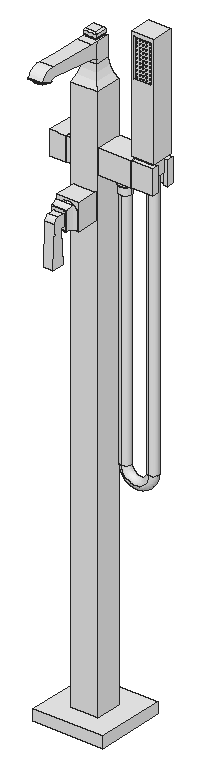
Revit family "Free_Standing_Tub_Filler-American_Standard-Town_Square_S-T455951", category Plumbing Fixtures, Revit 2014
Parameters (values of type "T455951")
  Width = 7"  # constant formula
  Waste Connection = no
  Warranty Information = "Limited Lifetime Warranty"  # constant formula
  WFU = 4
  Vent Connection = no
  URL = "https://www.americanstandard-us.com/"
  Tempered Water Connection Diameter = 1/2"  # constant formula
  Specification = "Free standing tub filler shall feature brass construction. Shall also feature 1/4 turn washerless ceramic disc valve cartridge."  # constant formula
  Product Page URL = "https://www.americanstandard-us.com/bathroom/tub-fillers/town-square-s-free-standing-tub-filler-33920"
  Product Documentation Link = "https://www.americanstandard-us.com/-/media/sites/asus/files/product-specs/tub-fillers/2018/town-square-s-free-standing-tub-filler/specsheet-t455951.pdf?la=en"
  Price = "Prices may vary. Please consult Manufacturer Representative for most up-to-date price list."  # constant formula
  Model = "T455951"  # constant formula
  Material = "Metal-American Standard-002-Polished Chrome"
  Manufacturer = "American Standard"  # constant formula
  Length = 7 5/32"  # constant formula
  Installation Type = "Surface Mounted"  # constant formula
  Hot Water Connection Diameter = 1/2"  # constant formula
  Height = 43 1/2"  # constant formula
  HWFU = 3
  HW Connection = yes
  Flow Rate = "1.8 gpm (6.8 L/min.)"  # constant formula
  Finish = Metal-American Standard-002-Polished Chrome
  Description = "T455951 Free Standing Tub Filler Personal Shower. Metal Lever Handle."  # constant formula
  Default Elevation = 0"
  Creation Date = "09/28/2018"  # constant formula
  Cold Water Connection Diameter = 1/2"  # constant formula
  CWFU = 3
  CW Connection = yes
  Assembly Code = "D2020300"
  ADA Compliant = yes
Reference planes (in)
  plane 1 "Center (Front/Back)": y = 0
  plane 2: z = 0
  plane 3 "Center (Left/Right)": x = 0
  plane 4: y = 2.40625
  plane 5: y = -2.34375
  plane 6: x = -2.375
  plane 7: x = 3.15625
  plane 8: z = 0.75
  plane 9: z = 34.8125
  plane 10: z = -2.75
  plane 11: x = -0.8125
  plane 12: x = 0.8125
  plane 13: z = 35.6235788
  plane 14: z = 33.9985788
  plane 15: z = 35.5603018
  plane 16: z = 34.0470654
  plane 17: x = -1.25
  plane 18: x = -1.28125
  plane 19: x = 3.1875
  plane 20: x = 4.625
  plane 21: z = 32
  plane 22: z = 32
  plane 23: x = 2.375
  plane 24: z = 31.2027333
  plane 25: z = 32.8277333
  plane 26: x = -0.7308837
  plane 27: x = 0.8941163
  plane 28: y = 0.890625
  plane 29: y = 0.8322498
  plane 30: y = -0.8741851
  plane 31: y = -0.8116851
  plane 32: z = 41.875
  plane 33: y = -4.75
  plane 34: z = 41.125
  plane 35: y = -4
  plane 36: z = 43.5
Forms (in)
  Extrusion 1, solid, material "Metal-American Standard-002-Polished Chrome" <- "Finish"
    sketch origin (0, 0, 0) x (1, 0, 0) y (0, 1, 0)
      loop
        line (-2.375, 2.40625) -> (-2.375, -2.34375) -> (2.375, -2.34375) -> (2.375, 2.40625) -> (-2.375, 2.40625)
    from 0 to 0.75
  Extrusion 2, solid, material "Metal-American Standard-002-Polished Chrome" <- "Finish"
    sketch origin (0, 0, 0) x (1, 0, 0) y (0, 1, 0)
      loop
        line (-0.90625, 0.90625) -> (-0.90625, -0.9061534) -> (0.90625, -0.9061534) -> (0.90625, 0.90625) -> (-0.90625, 0.90625)
    from 0 to 39.0306751
  Sweep 3, solid, material "Metal-American Standard-002-Polished Chrome" <- "Finish"
    path origin (1.4990537, 0, -4.7041607) x (1, 0, 0) y (0, 0, 1)
      loop
        line (0.5705359, 39.150565) -> (0.5705359, 21.0710328)
        arc (0.5705359, 21.0710328) -> (1.5064806, 20.1350881) -> (2.4424252, 21.0710328) r 0.9359447
        line (2.4424252, 21.0710328) -> (2.4424252, 39.5710328)
    profile origin (2.0695896, 0, 25.4066382) x (0, -1, 0) y (1, 0, 0)
      loop
        circle (-0.0212948, 0) r 0.3449676
  Extrusion 4, solid, material "Metal-American Standard-002-Polished Chrome" <- "Finish"
    sketch origin (0, 0, 5.0625) x (1, 0, 0) y (0, 0, 1)
      loop
        line (-1.25, 30.5610788) -> (-1.25, 28.9360788) -> (3.15625, 28.9360788) -> (3.15625, 30.5610788) -> (-1.25, 30.5610788)
    from -0.890625 to 0.8741851
  Extrusion 5, solid, material "Metal-American Standard-002-Polished Chrome" <- "Finish"
    sketch origin (-1.125, 0, 5.0625) x (1, 0, 0) y (0, 0, 1)
      loop
        line (-1.25, 30.5610788) -> (-1.25, 28.9360788) -> (-0.15625, 28.9360788) -> (-0.15625, 30.5610788) -> (-1.25, 30.5610788)
    from -0.890625 to 0.8741851
  Extrusion 6, solid, material "Metal-American Standard-002-Polished Chrome" <- "Finish"
    sketch origin (-1.09375, 0, 5.0625) x (1, 0, 0) y (0, 0, 1)
      loop
        line (-0.1875, 30.4978018) -> (-0.1875, 28.9845654) -> (-0.15625, 28.9845654) -> (-0.15625, 30.4978018) -> (-0.1875, 30.4978018)
    from -0.8322498 to 0.8116851
  Extrusion 7, solid, material "Metal-American Standard-002-Polished Chrome" <- "Finish"
    sketch origin (2.5625, 0, 5.0625) x (1, 0, 0) y (0, 0, 1)
      loop
        line (0.59375, 30.4978018) -> (0.59375, 28.9845654) -> (0.625, 28.9845654) -> (0.625, 30.4978018) -> (0.59375, 30.4978018)
    from -0.8478748 to 0.84375
  Extrusion 8, void
    sketch origin (1.046875, 0, 11.0579005) x (-1, 0, 0) y (0, -1, 0)
      loop
        line (-3.296875, -0.4225891) -> (-3.296875, -0.5475891) -> (-2.2297074, -0.5475891) -> (-2.2297074, 0.5475891) -> (-3.3469605, 0.5475891) -> (-3.3469605, 0.4225891) -> (-3.6196646, 0.4225891) -> (-3.6196646, -0.4225891) -> (-3.296875, -0.4225891)
    from 22.9151799 to 24.5995988
  Sweep 9, solid, material "Metal-American Standard-002-Polished Chrome" <- "Finish"
    path origin (0.90625, -0.8741851, 5.4902828) x (-1, 0, 0) y (0, 0, -1)
      loop
        line (0, -27.5365801) -> (1.8125, -27.5365801) -> (1.8125, -25.4483175) -> (0, -25.4483175) -> (0, -27.5365801)
    profile origin (0, -0.8741851, 33.026863) x (0, 0, -1) y (0, -1, 0)
      loop
        line (0.15625, 0) -> (0.4729259, 0) -> (0.4729259, 1.4695649) -> (0.15625, 1.4695649) -> (0.15625, 0)
  Revolve 10, solid, material "Metal-American Standard-002-Polished Chrome" <- "Finish"
    sketch origin (0, 0, 5.4902828) x (0, 1, 0) y (0, 0, 1)
      loop
        line (-2.34375, 26.5097172) -> (-2.34375, 27.225126)
        arc (-2.34375, 27.225126) -> (-2.8497704, 26.9956811) -> (-3.1191043, 26.5097172) r 0.884454
        line (-3.1191043, 26.5097172) -> (-2.34375, 26.5097172)
      axis (-2.34375, 26.5097172) -> (-3.1191043, 26.5097172)
    angle from 0 to 360
  Revolve 11, solid, material "Metal-American Standard-002-Polished Chrome" <- "Finish"
    sketch origin (0, 0, 5.0625) x (1, 0, 0) y (0, 0, 1)
      loop
        line (2.3412569, 28.9360788) -> (2.3412569, 27.8974647) -> (2.4894256, 27.8974647) -> (2.4894256, 28.3974647) -> (2.5280397, 28.4360788) -> (2.5280397, 28.9360788) -> (2.3412569, 28.9360788)
      axis (2.0639204, 28.9360788) -> (2.0639204, 27.8974647)
    angle from 0 to 360
  Sweep 12, solid, material "Metal-American Standard-002-Polished Chrome" <- "Finish"
    path origin (3.1875, 0, 35.8110788) x (1, 0, 0) y (0, 1, 0)
      loop
        line (1.15625, 0.4908218) -> (0.152815, 0.4908218) -> (0.152815, -0.5064468) -> (1.15625, -0.5064468) -> (1.15625, 0.4908218)
    profile origin (3.8420325, 0.4908218, 35.8110788) x (0, -1, 0) y (0, 0, 1)
      loop
        line (0, 0.0279004) -> (0, -1.0674206) -> (0.25, -1.0674206) -> (0.25, 7.6889212) -> (-0.25, 7.6889212) -> (-0.25, 0.0279004) -> (0, 0.0279004)
  Extrusion 13, solid, material "Metal-American Standard-002-Polished Chrome" <- "Finish"
    sketch origin (4.59375, 0.7408218, 43.5) x (-1, 0, 0) y (0, -1, 0)
      loop
        line (1.003435, 0.5) -> (1.003435, 0.9972686) -> (0.5, 0.9972686) -> (0.5, 0.5) -> (1.003435, 0.5)
    from -7.6610208 to 0
  Extrusion 14, void
    sketch origin (0, 0, 0) x (1, 0, 0) y (0, 1, 0)
      loop
        line (3.2605395, -0.7147955) -> (3.2605395, -0.8759217) -> (4.4887862, -0.8759217) -> (4.4887862, -0.7147955) -> (3.2605395, -0.7147955)
    from 40.618156 to 43.2540011
  Sweep 15, solid, material "Metal-American Standard-002-Polished Chrome" <- "Finish"
    path origin (1.3503502, -2.9366851, 26.6147725) x (-1, 0, 0) y (0, 0, -1)
      loop
        line (2.0656089, -6.2207733) -> (2.0656089, -4.5106192) -> (0.6352934, -4.5106192) -> (0.6352934, -6.2207733) -> (2.0656089, -6.2207733)
    profile origin (-0.000101, -2.9366851, 32.8355458) x (0, 0, 1) y (0, -1, 0)
      loop
        line (-0.6002848, -0.5469266) -> (-0.0139602, -0.5469266)
        arc (-0.0139602, -0.5469266) -> (-0.0003084, -0.5387238) -> (-0.001142, -0.5228189) r 0.0154616
        arc (-0.001142, -0.5228189) -> (-0.1563482, -0.2008978) -> (-0.2135999, 0.1518689) r 1.2436888
        arc (-0.2135999, 0.1518689) -> (-0.2235427, 0.1750467) -> (-0.2468834, 0.1846007) r 0.0332881
        line (-0.2468834, 0.1846007) -> (-0.6002848, 0.1846007) -> (-0.6002848, -0.5469266)
  Extrusion 16, solid, material "Metal-American Standard-002-Polished Chrome" <- "Finish"
    sketch origin (1.4657997, -0.2160515, 5.0625) x (1, 0, 0) y (0, 0, 1)
      loop
        line (1.7217003, 30.5610788) -> (1.7217003, 28.9360788) -> (3.1592003, 28.9360788) -> (3.1592003, 30.5610788) -> (1.7217003, 30.5610788)
    from -1.1066765 to 0.6581336
  Extrusion 17, solid, material "Metal-American Standard-002-Polished Chrome" <- "Finish"
    sketch origin (0, 0, 2.75) x (1, 0, 0) y (0, 1, 0)
      loop
        circle (-0.4932142, 0) r 0.25
      loop
        circle (0.4932142, 0) r 0.25
    from -2.75 to -2.6776705
  Extrusion 18, solid, material "Metal-American Standard-002-Polished Chrome" <- "Finish"
    sketch origin (0, 0, 37.2640565) x (1, 0, 0) y (0, 1, 0)
      loop
        line (-0.2733409, 0.2734375) -> (-0.2733409, -0.2732443) -> (0.2733409, -0.2732443) -> (0.2733409, 0.2734375) -> (-0.2733409, 0.2734375)
    from 0.03125 to 5.0383841
  Extrusion 19, solid, material "Metal-American Standard-002-Polished Chrome" <- "Finish"
    sketch origin (0, -0.0345709, 37.8476616) x (0, 1, 0) y (0, 0, 1)
      loop
        line (-5.0650216, 3.4150946) -> (-4.4018008, 3.2166484)
        arc (-4.4018008, 3.2166484) -> (-4.2097655, 3.3293593) -> (-3.9884556, 3.3539204) r 0.5338001
        line (-3.9884556, 3.3539204) -> (-0.719221, 3.0272781)
        arc (-0.719221, 3.0272781) -> (-0.4867303, 2.9099441) -> (-0.3930916, 2.66694) r 0.3621322
        line (-0.3930916, 2.66694) -> (-0.3930916, 3.956529) -> (-0.8194736, 3.956529)
        arc (-0.8194736, 3.956529) -> (-2.4759582, 3.9724698) -> (-4.1318292, 4.0202864) r 86.0744119
        arc (-4.1318292, 4.0202864) -> (-4.694326, 3.8655671) -> (-5.0650216, 3.4150946) r 0.9655002
    from -0.5454198 to 0.5454198
  Extrusion 20, solid, material "Metal-American Standard-002-Polished Chrome" <- "Finish"
    sketch origin (0, 0.4231412, 38.5096346) x (0, 1, 0) y (0, 0, 1)
      loop
        line (-5.5266934, 2.7907558) -> (-5.5518459, 2.7065356) -> (-4.8300649, 2.4909741) -> (-4.8049124, 2.5751943) -> (-5.5266934, 2.7907558)
    from -0.5248325 to 0.5216631
  Revolve 21, solid, material "Metal-American Standard-002-Polished Chrome" <- "Finish"
    sketch origin (0, 0.400051, 38.5085805) x (0, 1, 0) y (0, 0, 1)
      loop
        line (-5.4709665, 2.7131488) -> (-5.47486, 2.6786182)
        arc (-5.47486, 2.6786182) -> (-5.4688439, 2.6447482) -> (-5.4453467, 2.6196233) r 0.0605416
        arc (-5.4453467, 2.6196233) -> (-5.3268315, 2.5591188) -> (-5.2020395, 2.5129281) r 1.1329
        line (-5.2020395, 2.5129281) -> (-5.169162, 2.6230142) -> (-5.4709665, 2.7131488)
      axis (-5.169162, 2.6230142) -> (-5.2020395, 2.5129281)
    angle from 0 to 360
  Sweep 22, solid, material "Metal-American Standard-002-Polished Chrome" <- "Finish"
    path origin (-0.7896856, 0.0003181, 38.8181172) x (1, 0, 0) y (0, 1, 0)
      loop
        line (1.6021856, 0.7966535) -> (-0.0228144, 0.7966535) -> (-0.0228144, -0.8127215) -> (1.6021856, -0.8127215) -> (1.6021856, 0.7966535)
    profile origin (0.8125, -0.0077159, 38.8181172) x (1, 0, 0) y (0, 0, 1)
      loop
        line (-0.5391591, 0.2125578) -> (0.09375, 0.2125578) -> (0.09375, 0.2611627)
        arc (0.09375, 0.2611627) -> (-0.2060699, 0.9117635) -> (-0.3204089, 1.6189409) r 2.6463469
        arc (-0.3204089, 1.6189409) -> (-0.3316288, 2.3024611) -> (-0.3317511, 2.9860734) r 42.1089431
        line (-0.3317511, 2.9860734) -> (-0.4509412, 2.9860734) -> (-0.4635455, 3.0575559) -> (-0.3959604, 3.1409012) -> (-0.3959604, 3.3869581) -> (-0.4749144, 3.4843234) -> (-0.5391591, 3.4843234) -> (-0.5391591, 0.2125578)
  Extrusion 23, void
    sketch origin (0, 0.3919877, 38.7283846) x (1, 0, 0) y (0, 0, 1)
      loop
        arc (0.5017105, 4.1114188) -> (0.4797595, 2.9101148) -> (0.4920911, 1.7086735) r 42.1089431
        arc (0.4920911, 1.7086735) -> (0.5300997, 1.3220571) -> (0.6243006, 0.945171) r 2.6463469
        line (0.6243006, 0.945171) -> (1.09375, 0.945171) -> (1.09375, 4.2907345) -> (-1.09375, 4.2907345) -> (-1.09375, 0.945171) -> (-0.6243006, 0.945171)
        arc (-0.6243006, 0.945171) -> (-0.5300997, 1.3220571) -> (-0.4920911, 1.7086735) r 2.6463469
        arc (-0.4920911, 1.7086735) -> (-0.4797595, 2.9101148) -> (-0.5017105, 4.1114188) r 42.1089431
        line (-0.5017105, 4.1114188) -> (0.5017105, 4.1114188)
    from -0.4987338 to 5.6652321
  Extrusion 24, solid, material "Metal-American Standard-002-Polished Chrome" <- "Finish"
    sketch origin (0, 0.234375, -0.0625) x (0, 1, 0) y (0, 0, 1)
      loop
        line (-3.0670794, 32.4773433) -> (-3.7924467, 32.4138819)
        arc (-3.7924467, 32.4138819) -> (-4.0137471, 32.3075667) -> (-4.1097541, 32.0816033) r 0.3479261
        line (-4.1097541, 32.0816033) -> (-4.2225274, 29.3446033) -> (-3.4456647, 29.3446033) -> (-3.5602155, 31.5303619)
        arc (-3.5602155, 31.5303619) -> (-3.5230234, 31.6272505) -> (-3.4261348, 31.6644426) r 0.1275786
        line (-3.4261348, 31.6644426) -> (-3.0670794, 31.6456253) -> (-3.0670794, 32.4773433)
    from -0.3306765 to 0.3273858
  Extrusion 25, void
    sketch origin (0, 0, 0) x (0, 1, 0) y (0, 0, 1)
      loop
        line (-2.34375, 32) -> (-2.34375, 32.8976745) -> (-2.6586114, 32.8976745)
        arc (-2.6586114, 32.8976745) -> (-2.4650049, 32.4665617) -> (-2.3897585, 32) r 1.8076365
        line (-2.3897585, 32) -> (-2.34375, 32)
    from -0.75 to 0.75
  Extrusion 26, solid, material "Metal-American Standard-002-Polished Chrome" <- "Finish"
    sketch origin (3.2449145, -0.7147955, 0) x (1, 0, 0) y (0, 0, 1)
      loop
        circle (0.179924, 43.1304156) r 0.0104123
      loop
        circle (0.179924, 43.1304156) r 0.0261312
      loop
        circle (0.4093604, 43.1304156) r 0.0104123
      loop
        circle (0.4093604, 43.1304156) r 0.0261312
      loop
        circle (0.6387967, 43.1304156) r 0.0104123
      loop
        circle (0.6387967, 43.1304156) r 0.0261312
      loop
        circle (0.868233, 43.1304156) r 0.0104123
      loop
        circle (0.868233, 43.1304156) r 0.0261312
      loop
        circle (1.0976694, 43.1304156) r 0.0104123
      loop
        circle (1.0976694, 43.1304156) r 0.0261312
      loop
        circle (0.179924, 42.8920464) r 0.0104123
      loop
        circle (0.179924, 42.8920464) r 0.0261312
      loop
        circle (0.4093604, 42.8920464) r 0.0104123
      loop
        circle (0.4093604, 42.8920464) r 0.0261312
      loop
        circle (0.6387967, 42.8920464) r 0.0104123
      loop
        circle (0.6387967, 42.8920464) r 0.0261312
      loop
        circle (0.868233, 42.8920464) r 0.0104123
      loop
        circle (0.868233, 42.8920464) r 0.0261312
      loop
        circle (1.0976694, 42.8920464) r 0.0104123
      loop
        circle (1.0976694, 42.8920464) r 0.0261312
      loop
        circle (0.179924, 42.6536773) r 0.0104123
      loop
        circle (0.179924, 42.6536773) r 0.0261312
      loop
        circle (0.4093604, 42.6536773) r 0.0104123
      loop
        circle (0.4093604, 42.6536773) r 0.0261312
      loop
        circle (0.6387967, 42.6536773) r 0.0104123
      loop
        circle (0.6387967, 42.6536773) r 0.0261312
      loop
        circle (0.868233, 42.6536773) r 0.0104123
      loop
        circle (0.868233, 42.6536773) r 0.0261312
      loop
        circle (1.0976694, 42.6536773) r 0.0104123
      loop
        circle (1.0976694, 42.6536773) r 0.0261312
      loop
        circle (0.179924, 42.4153081) r 0.0104123
      loop
        circle (0.179924, 42.4153081) r 0.0261312
      loop
        circle (0.4093604, 42.4153081) r 0.0104123
      loop
        circle (0.4093604, 42.4153081) r 0.0261312
      loop
        circle (0.6387967, 42.4153081) r 0.0104123
      loop
        circle (0.6387967, 42.4153081) r 0.0261312
      loop
        circle (0.868233, 42.4153081) r 0.0104123
      loop
        circle (0.868233, 42.4153081) r 0.0261312
      loop
        circle (1.0976694, 42.4153081) r 0.0104123
      loop
        circle (1.0976694, 42.4153081) r 0.0261312
      loop
        circle (0.179924, 42.1769389) r 0.0104123
      loop
        circle (0.179924, 42.1769389) r 0.0261312
      loop
        circle (0.4093604, 42.1769389) r 0.0104123
      loop
        circle (0.4093604, 42.1769389) r 0.0261312
      loop
        circle (0.6387967, 42.1769389) r 0.0104123
      loop
        circle (0.6387967, 42.1769389) r 0.0261312
      loop
        circle (0.868233, 42.1769389) r 0.0104123
      loop
        circle (0.868233, 42.1769389) r 0.0261312
      loop
        circle (1.0976694, 42.1769389) r 0.0104123
      loop
        circle (1.0976694, 42.1769389) r 0.0261312
      loop
        circle (0.179924, 41.9385697) r 0.0104123
      loop
        circle (0.179924, 41.9385697) r 0.0261312
      loop
        circle (0.4093604, 41.9385697) r 0.0104123
      loop
        circle (0.4093604, 41.9385697) r 0.0261312
      loop
        circle (0.6387967, 41.9385697) r 0.0104123
      loop
        circle (0.6387967, 41.9385697) r 0.0261312
      loop
        circle (0.868233, 41.9385697) r 0.0104123
      loop
        circle (0.868233, 41.9385697) r 0.0261312
      loop
        circle (1.0976694, 41.9385697) r 0.0104123
      loop
        circle (1.0976694, 41.9385697) r 0.0261312
      loop
        circle (0.179924, 41.7002005) r 0.0104123
      loop
        circle (0.179924, 41.7002005) r 0.0261312
      loop
        circle (0.4093604, 41.7002005) r 0.0104123
      loop
        circle (0.4093604, 41.7002005) r 0.0261312
      loop
        circle (0.6387967, 41.7002005) r 0.0104123
      loop
        circle (0.6387967, 41.7002005) r 0.0261312
      loop
        circle (0.868233, 41.7002005) r 0.0104123
      loop
        circle (0.868233, 41.7002005) r 0.0261312
      loop
        circle (1.0976694, 41.7002005) r 0.0104123
      loop
        circle (1.0976694, 41.7002005) r 0.0261312
      loop
        circle (0.179924, 41.4618313) r 0.0104123
      loop
        circle (0.179924, 41.4618313) r 0.0261312
      loop
        circle (0.4093604, 41.4618313) r 0.0104123
      loop
        circle (0.4093604, 41.4618313) r 0.0261312
      loop
        circle (0.6387967, 41.4618313) r 0.0104123
      loop
        circle (0.6387967, 41.4618313) r 0.0261312
      loop
        circle (0.868233, 41.4618313) r 0.0104123
      loop
        circle (0.868233, 41.4618313) r 0.0261312
      loop
        circle (1.0976694, 41.4618313) r 0.0104123
      loop
        circle (1.0976694, 41.4618313) r 0.0261312
      loop
        circle (0.179924, 41.2234621) r 0.0104123
      loop
        circle (0.179924, 41.2234621) r 0.0261312
      loop
        circle (0.4093604, 41.2234621) r 0.0104123
      loop
        circle (0.4093604, 41.2234621) r 0.0261312
      loop
        circle (0.6387967, 41.2234621) r 0.0104123
      loop
        circle (0.6387967, 41.2234621) r 0.0261312
      loop
        circle (0.868233, 41.2234621) r 0.0104123
      loop
        circle (0.868233, 41.2234621) r 0.0261312
      loop
        circle (1.0976694, 41.2234621) r 0.0104123
      loop
        circle (1.0976694, 41.2234621) r 0.0261312
      loop
        circle (0.179924, 40.9850929) r 0.0104123
      loop
        circle (0.179924, 40.9850929) r 0.0261312
      loop
        circle (0.4093604, 40.9850929) r 0.0104123
      loop
        circle (0.4093604, 40.9850929) r 0.0261312
      loop
        circle (0.6387967, 40.9850929) r 0.0104123
      loop
        circle (0.6387967, 40.9850929) r 0.0261312
      loop
        circle (0.868233, 40.9850929) r 0.0104123
      loop
        circle (0.868233, 40.9850929) r 0.0261312
      loop
        circle (1.0976694, 40.9850929) r 0.0104123
      loop
        circle (1.0976694, 40.9850929) r 0.0261312
      loop
        circle (0.179924, 40.7467237) r 0.0104123
      loop
        circle (0.179924, 40.7467237) r 0.0261312
      loop
        circle (0.4093604, 40.7467237) r 0.0104123
      loop
        circle (0.4093604, 40.7467237) r 0.0261312
      loop
        circle (0.6387967, 40.7467237) r 0.0104123
      loop
        circle (0.6387967, 40.7467237) r 0.0261312
      loop
        circle (0.868233, 40.7467237) r 0.0104123
      loop
        circle (0.868233, 40.7467237) r 0.0261312
      loop
        circle (1.0976694, 40.7467237) r 0.0104123
      loop
        circle (1.0976694, 40.7467237) r 0.0261312
    from 0 to 0.0416513
Cuts and joins
  Extrusion 25 cuts Extrusion 2
  Extrusion 25 cuts Sweep 3
  Extrusion 25 cuts Extrusion 4
  Extrusion 25 cuts Extrusion 5
  Extrusion 25 cuts Extrusion 6
  Extrusion 25 cuts Extrusion 7
  Extrusion 25 cuts Sweep 9
  Extrusion 25 cuts Revolve 11
  Extrusion 14, Extrusion 25 cuts Sweep 12
  Extrusion 25 cuts Extrusion 13
  Extrusion 25 cuts Sweep 15
  Extrusion 8 cuts Extrusion 16
  Extrusion 23 cuts Extrusion 19
  Extrusion 25 cuts Extrusion 24
  joined: Extrusion 1, Extrusion 2, Sweep 3, Extrusion 4, Extrusion 5, Extrusion 6, Extrusion 7, Sweep 9, Revolve 10, Revolve 11, Sweep 12, Extrusion 13, Sweep 15, Extrusion 16, Extrusion 18, Extrusion 19, Extrusion 20, Revolve 21, Sweep 22, Extrusion 24, Extrusion 26
Lines and regions (in)
  Masking region 1
    outline origin (0, 0, 0) x (1, 0, 0) y (0, 1, 0)
      loop
        line (2.375, 2.40625) -> (-2.375, 2.40625) -> (-2.375, -2.34375) -> (-0.716427, -2.34375) -> (-0.7076551, -2.3914091) -> (-0.7411255, -2.3914091)
        arc (-0.7411255, -2.3914091) -> (-0.5645072, -2.7204596) -> (-0.5013313, -3.0885317) r 1.162564
        arc (-0.5013313, -3.0885317) -> (-0.4957007, -3.1066392) -> (-0.4810001, -3.1186174) r 0.0328484
        spline (-0.4810001, -3.1186174) -> (-0.4810252, -3.2239027) -> (-0.4810516, -3.3291843) -> (-0.4810791, -3.4344623) -> (-0.4811077, -3.5397364) -> (-0.4811376, -3.6450065) -> (-0.4811687, -3.7502724) -> (-0.481201, -3.8555339) -> (-0.4812345, -3.960791) -> (-0.4812691, -4.0660434) -> (-0.481305, -4.171291) -> (-0.481342, -4.2765337) -> (-0.4813803, -4.3817712)
        line (-0.4813803, -4.3817712) -> (-0.5248325, -4.3817712) -> (-0.5248325, -5.1287047) -> (0.5216631, -5.1287047) -> (0.5216631, -4.3817712) -> (0.4813803, -4.3817712)
        spline (0.4813803, -4.3817712) -> (0.481342, -4.2765337) -> (0.481305, -4.171291) -> (0.4812691, -4.0660434) -> (0.4812344, -3.960791) -> (0.481201, -3.855534) -> (0.4811687, -3.7502724) -> (0.4811376, -3.6450065) -> (0.4811077, -3.5397364) -> (0.481079, -3.4344623) -> (0.4810515, -3.3291843) -> (0.4810252, -3.2239027) -> (0.4810001, -3.1186175)
        arc (0.4810001, -3.1186175) -> (0.4957007, -3.1066392) -> (0.5013313, -3.0885317) r 0.0328484
        arc (0.5013313, -3.0885317) -> (0.5645072, -2.7204596) -> (0.7411255, -2.3914091) r 1.162564
        line (0.7411255, -2.3914091) -> (0.7076551, -2.3914091) -> (0.716427, -2.34375) -> (2.375, -2.34375) -> (2.375, -0.8741851) -> (4.625, -0.8741851) -> (4.625, -0.4225891) -> (4.59375, -0.4225891) -> (4.59375, 0.4225891) -> (4.625, 0.4225891) -> (4.625, 0.890625) -> (2.375, 0.890625) -> (2.375, 2.40625)
  symbolic lines, detail levels medium+fine
    curve 1: line (4.59375, 0.4225891, 0) -> (4.59375, 0.7408218, 0)
    curve 2: line (4.59375, 0.7408218, 0) -> (3.090315, 0.7408218, 0)
    curve 3: line (3.090315, 0.7408218, 0) -> (3.090315, -0.7564468, 0)
    curve 4: line (3.090315, -0.7564468, 0) -> (4.59375, -0.7564468, 0)
    curve 5: line (4.59375, -0.7564468, 0) -> (4.59375, -0.4225891, 0)
    curve 33: line (2.375, 0.890625, 0) -> (0.90625, 0.890625, 0)
    curve 34: line (2.375, -0.8741851, 0) -> (0.90625, -0.8741851, 0)
    curve 35: line (-0.480852, -3.11883, 0) -> (-0.480852, 0.4652204, 0)
    curve 36: line (0.480852, -3.1202899, 0) -> (0.480852, 0.4652204, 0)
    curve 37: line (-0.90625, 0.90625, 0) -> (-0.90625, 0.890625, 0)
    curve 38: line (0.90625, -0.9061534, 0) -> (0.90625, -0.8741851, 0)
    curve 39: line (0.90625, 0.90625, 0) -> (-0.90625, 0.90625, 0)
    curve 40: line (-0.90625, -0.9061534, 0) -> (-0.75, -0.9061534, 0)
    curve 41: line (0.480852, 0.4652204, 0) -> (-0.480852, 0.4652204, 0)
    curve 42: line (-0.90625, -0.8741851, 0) -> (-0.90625, -0.9061534, 0)
    curve 43: line (0.90625, 0.890625, 0) -> (0.90625, 0.90625, 0)
    curve 44: line (-0.90625, 0.890625, 0) -> (-2.375, 0.890625, 0)
    curve 45: line (0.75, -0.9061534, 0) -> (0.90625, -0.9061534, 0)
    curve 46: line (-0.90625, -0.8741851, 0) -> (-2.375, -0.8741851, 0)
    curve 47: line (-0.75, -0.9061534, 0) -> (-0.75, -2.34375, 0)
    curve 48: line (0.75, -0.9061534, 0) -> (0.75, -2.34375, 0)
    curve 49: line (-0.90625, 0.890625, 0) -> (-0.90625, -0.8741851, 0)
    curve 50: line (0.90625, 0.890625, 0) -> (0.90625, -0.8741851, 0)
    curve 55: line (-0.75, -0.9061534, 0) -> (-0.480852, -0.9061534, 0)
    curve 56: line (0.75, -0.9061534, 0) -> (0.480852, -0.9061534, 0)
    curve 74: line (-0.7154088, -2.34375, 0) -> (-0.480852, -2.34375, 0)
    curve 75: line (0.716427, -2.34375, 0) -> (0.480852, -2.34375, 0)
  symbolic lines, detail levels fine
    curve 6: line (3.1875, 0.890625, 0) -> (3.1875, 0.7408218, 0)
    curve 7: line (3.15625, 0.890625, 0) -> (3.15625, 0.7408218, 0)
    curve 8: line (3.15625, -0.8741851, 0) -> (3.15625, -0.7564468, 0)
    curve 9: line (3.1875, -0.8741851, 0) -> (3.1875, -0.7564468, 0)
    curve 10: line (-1.25, 0.890625, 0) -> (-1.25, -0.8741851, 0)
    curve 11: line (-1.28125, -0.8741851, 0) -> (-1.28125, 0.890625, 0)
    curve 12: line (4.4887862, -0.7147955, 0) -> (3.2605395, -0.7147955, 0)
    curve 13: line (3.2605395, -0.7147955, 0) -> (3.2605395, -0.7564468, 0)
    curve 14: line (4.4887862, -0.7564468, 0) -> (4.4887862, -0.7147955, 0)
    curve 15: line (3.3225278, -0.7147955, 0) -> (3.3225278, -0.7493772, 0)
    curve 16: line (3.3225278, -0.7493772, 0) -> (3.4025029, -0.7493772, 0)
    curve 17: line (3.4025029, -0.7493772, 0) -> (3.4025029, -0.7147955, 0)
    curve 18: line (3.5255846, -0.7147955, 0) -> (3.5255846, -0.7493772, 0)
    curve 19: line (3.5255846, -0.7493772, 0) -> (3.6055597, -0.7493772, 0)
    curve 20: line (3.6055597, -0.7493772, 0) -> (3.6055597, -0.7147955, 0)
    curve 21: line (3.7296945, -0.7147955, 0) -> (3.7296945, -0.7493772, 0)
    curve 22: line (3.7296945, -0.7493772, 0) -> (3.8096696, -0.7493772, 0)
    curve 23: line (3.8096696, -0.7493772, 0) -> (3.8096696, -0.7147955, 0)
    curve 24: line (3.9349336, -0.7147955, 0) -> (3.9349336, -0.7493772, 0)
    curve 25: line (3.9349336, -0.7493772, 0) -> (4.0149087, -0.7493772, 0)
    curve 26: line (4.0149087, -0.7493772, 0) -> (4.0149087, -0.7147955, 0)
    curve 27: line (4.1390435, -0.7147955, 0) -> (4.1390435, -0.7493772, 0)
    curve 28: line (4.1390435, -0.7493772, 0) -> (4.2190186, -0.7493772, 0)
    curve 29: line (4.2190186, -0.7493772, 0) -> (4.2190186, -0.7147955, 0)
    curve 30: line (4.3455354, -0.7147955, 0) -> (4.3455354, -0.7493772, 0)
    curve 31: line (4.3455354, -0.7493772, 0) -> (4.4255104, -0.7493772, 0)
    curve 32: line (4.4255104, -0.7493772, 0) -> (4.4255104, -0.7147955, 0)
    curve 51: line (-0.90625, 0.90625, 0) -> (-0.480852, 0.4652204, 0)
    curve 52: line (0.480852, 0.4652204, 0) -> (0.90625, 0.90625, 0)
    curve 53: line (-0.90625, -0.9061534, 0) -> (-0.480852, -0.4807554, 0)
    curve 54: line (0.90625, -0.9061534, 0) -> (0.480852, -0.4807554, 0)
    curve 57: line (-0.4165396, 0.4010112, 0) -> (0.4165396, 0.4010112, 0)
    curve 58: line (-0.4165396, -0.416443, 0) -> (-0.4165396, 0.4010112, 0)
    curve 59: line (0.4165396, -0.416443, 0) -> (-0.4165396, -0.416443, 0)
    curve 60: line (0.4165396, 0.4010112, 0) -> (0.4165396, -0.416443, 0)
    curve 61: line (-0.3375856, 0.3220572, 0) -> (0.3375856, 0.3220572, 0)
    curve 62: line (-0.3375856, -0.337489, 0) -> (-0.3375856, 0.3220572, 0)
    curve 63: line (0.3375856, -0.337489, 0) -> (-0.3375856, -0.337489, 0)
    curve 64: line (0.3375856, 0.3220572, 0) -> (0.3375856, -0.337489, 0)
    curve 65: line (-0.3375856, 0.3220572, 0) -> (-0.4165396, 0.4010112, 0)
    curve 66: line (0.3375856, 0.3220572, 0) -> (0.4165396, 0.4010112, 0)
    curve 67: line (-0.3375856, -0.337489, 0) -> (-0.4165396, -0.416443, 0)
    curve 68: line (0.3375856, -0.337489, 0) -> (0.4165396, -0.416443, 0)
    curve 69: line (-0.4813803, -4.3817712, 0) -> (-0.4813803, -5.1035522, 0)
    curve 70: line (0.4813803, -4.3817712, 0) -> (0.4813803, -5.1035522, 0)
    curve 71: line (0.4813803, -5.1035522, 0) -> (-0.4813803, -5.1035522, 0)
    curve 72: arc (-0.7077428, -2.3914556, 0) -> (-0.5971982, -2.4407163, 0) -> (-0.480852, -2.4740371, 0) r 0.8634596
    curve 73: arc (0.7076651, -2.3915153, 0) -> (0.5965446, -2.4390727, 0) -> (0.480852, -2.4740685, 0) r 1.0928959
Dimensions and locks (in)
  plane 11 to plane 12 = 1 5/8"
  equal spacing: Extrusion 8 sketch curve, plane 1 "Center (Front/Back)", Extrusion 8 sketch curve
  locked: Extrusion 8 sketch curve to plane 20 at 0.28125
  locked: Extrusion 8 sketch curve to Extrusion 8 sketch curve at 0.125  (x2)
  Extrusion 8 sketch curve to Extrusion 8 sketch curve = 1.06717"
  Extrusion 8 sketch curve to Extrusion 8 sketch curve = 1.09518"
  plane 16 to plane 21 = 2.04707"
  Sweep 9 sketch curve to Sweep 9 sketch curve to plane 21 = 0.31668" locked, 0.55394"
  locked: plane 24 to plane 25 at 1.625
  plane 27 to plane 26 = 1 5/8"
  "Height": plane 36 to level
  plane 22 to level = 32"
  plane 9 to level = 34 13/16"
  "Width": plane 6 to plane 20
  "Length": plane 4 to plane 33
  plane 1 "Center (Front/Back)" to plane 33 = 4 3/4"
  aligned and locked: plane 8 to Extrusion 1
  aligned and locked: plane 6 to Extrusion 1
  aligned and locked: Extrusion 5 to plane 18
  aligned and locked: plane 6 to Extrusion 5
  aligned and locked: plane 13 to Extrusion 5
  aligned and locked: Extrusion 5 to plane 14
  aligned and locked: plane 18 to Extrusion 6
  aligned and locked: plane 15 to Extrusion 6
  aligned and locked: Extrusion 6 to plane 16
  aligned and locked: Extrusion 5 to Extrusion 6
  aligned and locked: Extrusion 6 to Extrusion 4
  aligned and locked: Extrusion 7 to plane 19
  aligned and locked: plane 7 to Extrusion 7
  aligned and locked: Extrusion 4 to plane 7
  aligned and locked: Sweep 12 to Extrusion 13
  aligned and locked: Extrusion 16 to plane 28
  aligned and locked: Extrusion 4 to plane 28
  aligned and locked: Extrusion 23 sketch curve to Sweep 22  (x4)
  aligned and locked: Sweep 9 to Extrusion 25
  aligned and locked: Extrusion 25 to Sweep 9
  aligned and locked: Masking region 1 sketch curve to Extrusion 1  (x4)
  aligned and locked: Masking region 1 sketch curve to cut or joined group 1 (Extrusion 1, Extrusion 2, Sweep 3, Extrusion 4, Extrusion 5, Extrusion 6, Extrusion 7, Extrusion 8, Sweep 9, Revolve 10, Revolve 11, Sweep 12, Extrusion 13, Extrusion 14, Sweep 15, Extrusion 16, Extrusion 18, Extrusion 19, Extrusion 20, Revolve 21, Sweep 22, Extrusion 23, Extrusion 24, Extrusion 25, Extrusion 26)  (x6)
  aligned and locked: cut or joined group 1 to Masking region 1 sketch curve
  aligned and locked: curve 37 to cut or joined group 1
  aligned and locked: curve 38 to cut or joined group 1
  aligned and locked: curve 39 to cut or joined group 1
  aligned and locked: curve 40 to cut or joined group 1
  aligned and locked: curve 41 to cut or joined group 1
  aligned and locked: Extrusion 17 to level
Automatic sketch dimensions
  Extrusion 1 sketch curve to plane 5 = 0"
  Extrusion 1 sketch curve to plane 6 = 0"
  Extrusion 1 sketch curve to plane 23 = 0"
  plane 4 to Extrusion 1 sketch curve = 0"
  Extrusion 2 sketch curve to plane 30 = 0.03197"
  plane 11 to Extrusion 2 sketch curve = 3/32"
  Extrusion 2 sketch curve to plane 12 = 3/32"
  Extrusion 2 sketch curve to plane 28 = 1/64"
  plane 23 to Sweep 3 sketch curve = 0.30541"
  plane 7 to Sweep 3 sketch curve = 0.15072"
  plane 8 to Sweep 3 sketch curve = 15.61687"
  Sweep 3 sketch curve to plane 9 = 0.3661"
  plane 9 to Sweep 3 sketch curve = 0.05437"
  Sweep 3 sketch curve to profile plane = 0"
  Sweep 3 sketch curve to plane 1 "Center (Front/Back)" = 0.02129"
  Extrusion 4 sketch curve to plane 14 = 0"
  plane 17 to Extrusion 4 sketch curve = 0"
  plane 7 to Extrusion 4 sketch curve = 0"
  Extrusion 4 sketch curve to plane 13 = 0"
  plane 6 to Extrusion 5 sketch curve = 0"
  Extrusion 5 sketch curve to plane 14 = 0"
  plane 18 to Extrusion 5 sketch curve = 0"
  Extrusion 5 sketch curve to plane 13 = 0"
  Extrusion 6 sketch curve to plane 16 = 0"
  plane 18 to Extrusion 6 sketch curve = 0"
  plane 17 to Extrusion 6 sketch curve = 0"
  Extrusion 6 sketch curve to plane 15 = 0"
  plane 7 to Extrusion 7 sketch curve = 0"
  Extrusion 7 sketch curve to plane 16 = 0"
  plane 19 to Extrusion 7 sketch curve = 0"
  Extrusion 7 sketch curve to plane 15 = 0"
  plane 20 to Extrusion 8 sketch curve = 0.23116"
  Extrusion 8 sketch curve to plane 20 = 0.04154"
  Sweep 9 sketch curve to plane 12 = 3/32"
  plane 11 to Sweep 9 sketch curve = 3/32"
  Sweep 9 sketch curve to plane 14 = 0.97172"
  Sweep 9 sketch curve to plane 22 = 1.0614"
  Sweep 9 sketch curve to profile plane = 0"
  profile plane to Sweep 9 sketch curve = 1.46956"
  Revolve 10 sketch curve to plane 22 = 0"  (x2)
  Revolve 10 sketch curve to plane 5 = 0"
  Revolve 10 sketch curve to Revolve 10 sketch curve = 0.77535"
  plane 5 to Revolve 10 sketch curve = 3/32"
  Revolve 10 sketch curve to plane 22 = 21/128"
  Revolve 10 sketch curve to Revolve 10 sketch curve = 0.327"
  Revolve 10 sketch curve to Revolve 10 sketch curve = 0.11733"
  Revolve 11 sketch curve to plane 14 = 0"
  plane 23 to Revolve 11 sketch curve = 0.03374"
  Revolve 11 sketch curve to plane 23 = 0.11443"
  Revolve 11 sketch curve to plane 23 = 0.15304"
  Revolve 11 sketch curve to plane 14 = 1/2"
  Revolve 11 sketch curve to Revolve 11 sketch curve = 0.03861"
  Revolve 11 sketch curve to Revolve 11 sketch curve = 1/2"
  plane 23 to Revolve 11 sketch curve = 0.31108"
  Revolve 11 sketch curve to plane 14 = 0.10428"
  Revolve 11 sketch curve to Revolve 11 sketch curve = 1/4"
  Sweep 12 sketch curve to plane 19 = 0.15281"
  plane 20 to Sweep 12 sketch curve = 9/32"
  plane 31 to Sweep 12 sketch curve = 0.30524"
  plane 29 to Sweep 12 sketch curve = 0.34143"
  Sweep 12 sketch curve to profile plane = 0"
  profile plane to Sweep 12 sketch curve = 0.0279"
  Sweep 12 sketch curve to Sweep 12 sketch curve = 1/4"
  Sweep 12 sketch curve to profile plane = 1/4"
  Sweep 12 sketch curve to profile plane = 1.06742"
  Sweep 12 sketch curve to Sweep 12 sketch curve = 7.66102"
  Sweep 12 to Extrusion 13 sketch curve = 0"
  Extrusion 13 sketch curve to Sweep 12 = 0"  (x3)
  Extrusion 14 sketch curve to plane 30 = 0.00174"
  Extrusion 14 sketch curve to plane 19 = 0.07304"
  plane 20 to Extrusion 14 sketch curve = 0.13621"
  plane 31 to Extrusion 14 sketch curve = 0.09689"
  plane 25 to Sweep 15 sketch curve = 1/128"
  plane 12 to Sweep 15 sketch curve = 0.09744"
  Sweep 15 sketch curve to plane 26 = 1/64"
  plane 24 to Sweep 15 sketch curve = 0.07734"
  profile plane to Sweep 15 sketch curve = 0.60028"
  profile plane to Sweep 15 sketch curve = 0.24688"
  profile plane to Sweep 15 sketch curve = 0.01396"
  profile plane to Sweep 15 sketch curve = 0.17265"
  Sweep 15 sketch curve to profile plane = 1.02992"
  profile plane to Sweep 15 sketch curve = 0.15131"
  Sweep 15 sketch curve to profile plane = 0.53147"
  Sweep 15 sketch curve to profile plane = 0.54693"
  Sweep 15 sketch curve to Sweep 15 sketch curve = 0.03329"
  Sweep 15 sketch curve to Sweep 15 sketch curve = 0"
  Extrusion 16 sketch curve to plane 14 = 0"
  plane 19 to Extrusion 16 sketch curve = 0"
  plane 20 to Extrusion 16 sketch curve = 0"
  Extrusion 16 sketch curve to plane 13 = 0"
  plane 1 "Center (Front/Back)" to Extrusion 17 sketch curve = 0"  (x2)
  Extrusion 17 sketch curve to plane 11 = 0.31929"
  plane 12 to Extrusion 17 sketch curve = 0.31929"
  Extrusion 18 sketch curve to plane 3 "Center (Left/Right)" = 0.27334"
  plane 3 "Center (Left/Right)" to Extrusion 18 sketch curve = 0.27334"
  plane 1 "Center (Front/Back)" to Extrusion 18 sketch curve = 0.27324"
  Extrusion 18 sketch curve to plane 1 "Center (Front/Back)" = 35/128"
  plane 34 to Extrusion 19 sketch curve = 0.13776"
  plane 33 to Extrusion 19 sketch curve = 0.34959"
  Extrusion 19 sketch curve to plane 34 = 0.06069"
  Extrusion 19 sketch curve to plane 33 = 0.31363"
  plane 35 to Extrusion 19 sketch curve = 0.20355"
  plane 35 to Extrusion 19 sketch curve = 0.0761"
  plane 35 to Extrusion 19 sketch curve = 0.02303"
  plane 30 to Extrusion 19 sketch curve = 0.02014"
  plane 31 to Extrusion 19 sketch curve = 0.02189"
  plane 31 to Extrusion 19 sketch curve = 0.05789"
  Extrusion 19 sketch curve to Extrusion 19 sketch curve = 0.36213"
  Extrusion 19 sketch curve to plane 34 = 0.22184"
  Extrusion 19 sketch curve to plane 34 = 0.25006"
  Extrusion 19 sketch curve to Extrusion 19 sketch curve = 0.23274"
  Extrusion 19 sketch curve to plane 32 = 0.07081"
  plane 36 to Extrusion 19 sketch curve = 84.3786"
  plane 34 to Extrusion 20 sketch curve = 0.09117"
  plane 33 to Extrusion 20 sketch curve = 0.3787"
  plane 34 to Extrusion 20 sketch curve = 0.17539"
  Extrusion 20 sketch curve to Extrusion 20 sketch curve = 0.02515"
  Extrusion 20 sketch curve to plane 34 = 0.12439"
  plane 34 to Revolve 21 sketch curve = 0.0622"
  plane 33 to Revolve 21 sketch curve = 0.32481"
  plane 34 to Revolve 21 sketch curve = 0.09673"
  Revolve 21 sketch curve to Revolve 21 sketch curve = 1/256"
  Revolve 21 sketch curve to Revolve 21 sketch curve = 0.06016"
  plane 33 to Revolve 21 sketch curve = 0.05199"
  plane 34 to Revolve 21 sketch curve = 0.00659"
  plane 33 to Revolve 21 sketch curve = 0.01911"
  Revolve 21 sketch curve to plane 33 = 0.2782"
  plane 34 to Revolve 21 sketch curve = 0.05542"
  plane 32 to Revolve 21 sketch curve = 0.23022"
  Revolve 21 sketch curve to Revolve 21 sketch curve = 0.01429"
  Revolve 21 sketch curve to Revolve 21 sketch curve = 0.00271"
  Revolve 21 sketch curve to Revolve 21 sketch curve = 0.04786"
  Revolve 21 sketch curve to Revolve 21 sketch curve = 0.00906"
  Sweep 22 sketch curve to plane 11 = 0"
  Sweep 22 sketch curve to plane 12 = 0"
  Sweep 22 sketch curve to plane 31 = 0.00072"
  plane 29 to Sweep 22 sketch curve = 0.03528"
  profile plane to Sweep 22 sketch curve = 0.53916"
  Sweep 22 sketch curve to Sweep 22 sketch curve = 0.06424"
  Sweep 22 sketch curve to Sweep 22 sketch curve = 0.01137"
  Sweep 22 sketch curve to Sweep 22 sketch curve = 0.0126"
  Sweep 22 sketch curve to Sweep 22 sketch curve = 0.06759"
  Sweep 22 sketch curve to Sweep 22 sketch curve = 0.11919"
  Sweep 22 sketch curve to profile plane = 3/32"
  Sweep 22 sketch curve to profile plane = 2.32514"
  profile plane to Sweep 22 sketch curve = 2.6518"
  Sweep 22 sketch curve to Sweep 22 sketch curve = 39.45072"
  profile plane to Sweep 22 sketch curve = 1.68385"
  profile plane to Sweep 22 sketch curve = 0.26116"
  Sweep 22 sketch curve to Sweep 22 sketch curve = 0.0486"
  Sweep 22 sketch curve to Sweep 22 sketch curve = 1.36713"
  Sweep 22 sketch curve to Sweep 22 sketch curve = 0.07148"
  Sweep 22 sketch curve to Sweep 22 sketch curve = 0.08335"
  Sweep 22 sketch curve to Sweep 22 sketch curve = 0.24606"
  Sweep 22 sketch curve to Sweep 22 sketch curve = 0.09737"
  Extrusion 23 sketch curve to plane 17 = 5/32"
  Extrusion 23 sketch curve to plane 11 = 0.1882"
  Extrusion 23 sketch curve to plane 11 = 0.31079"
  plane 12 to Extrusion 23 sketch curve = 0.1882"
  Extrusion 23 sketch curve to plane 12 = 9/32"
  Extrusion 23 sketch curve to plane 36 = 0.48088"
  Extrusion 24 sketch curve to plane 35 = 0.01185"
  plane 22 to Extrusion 24 sketch curve = 0.0191"
  Extrusion 24 sketch curve to plane 35 = 0.12462"
  Extrusion 24 sketch curve to plane 35 = 0.44193"
  plane 22 to Extrusion 24 sketch curve = 0.00478"
  Extrusion 24 sketch curve to Extrusion 24 sketch curve = 0.34763"
  Extrusion 24 sketch curve to Extrusion 24 sketch curve = 0.20191"
  Extrusion 24 sketch curve to Extrusion 24 sketch curve = 0.77686"
  Extrusion 24 sketch curve to Extrusion 24 sketch curve = 0.1274"  (x2)
  Extrusion 24 sketch curve to plane 22 = 0.39806"
  Extrusion 24 sketch curve to Extrusion 24 sketch curve = 0.00668"
  Extrusion 24 sketch curve to Extrusion 24 sketch curve = 0.35906"
  Extrusion 24 sketch curve to Extrusion 24 sketch curve = 0.01882"
  Extrusion 24 sketch curve to Extrusion 24 sketch curve = 2.18576"
  plane 22 to Extrusion 24 sketch curve = 0.41484"
  Extrusion 25 sketch curve to plane 22 = 0"
  Extrusion 25 sketch curve to plane 5 = 0"
  Extrusion 25 sketch curve to Extrusion 25 sketch curve = 0.04601"
  Extrusion 25 sketch curve to Extrusion 25 sketch curve = 0.31486"
  Extrusion 25 sketch curve to plane 22 = 0.05206"
  plane 35 to Extrusion 25 sketch curve = 0.19665"
  Extrusion 26 sketch curve to Extrusion 26 sketch curve = 0"  (x146)
  Extrusion 26 sketch curve to Extrusion 14 = 0.1643"  (x11)
  Extrusion 26 sketch curve to Extrusion 26 sketch curve = 0.22944"  (x33)
  Extrusion 26 sketch curve to Extrusion 14 = 0.1462"  (x11)
  Extrusion 14 to Extrusion 26 sketch curve = 0.12857"  (x5)
  Extrusion 26 sketch curve to Extrusion 26 sketch curve = 0.23837"  (x9)
  Extrusion 14 to Extrusion 26 sketch curve = 0.12359"  (x5)
  Masking region 1 sketch curve to plane 5 = 0"
  Masking region 1 sketch curve to plane 23 = 0"
  Masking region 1 sketch curve to plane 20 = 0"
  plane 18 to Masking region 1 sketch curve = 0.3826"
  Masking region 1 sketch curve to plane 11 = 0.07137"
  Masking region 1 sketch curve to plane 5 = 0.04766"  (x2)
  Masking region 1 sketch curve to Masking region 1 sketch curve = 0.03347"  (x2)
  Masking region 1 sketch curve to Masking region 1 sketch curve = 0.04345"
  Masking region 1 sketch curve to Masking region 1 sketch curve = 0.00877"  (x2)
  plane 12 to Masking region 1 sketch curve = 0.09607"
  Masking region 1 sketch curve to Masking region 1 sketch curve = 0.04028"
  plane 23 to Masking region 1 sketch curve = 0.71115"
  Masking region 1 sketch curve to Masking region 1 sketch curve = 1/32"
  Masking region 1 sketch curve to plane 33 = 0.36823"
  Masking region 1 sketch curve to plane 5 = 0.75486"
  Masking region 1 sketch curve to Masking region 1 sketch curve = 0.69684"  (x2)
  plane 31 to Masking region 1 sketch curve = 0.3891"
  plane 29 to Masking region 1 sketch curve = 0.40966"
  Masking region 1 sketch curve to plane 18 = 0.00331"
  Masking region 1 sketch curve to Masking region 1 sketch curve = 0"  (x3)
  Masking region 1 sketch curve to Masking region 1 sketch curve = 0.01252"  (x2)
  Masking region 1 sketch curve to plane 12 = 0.46471"
  Masking region 1 sketch curve to Masking region 1 sketch curve = 0.22665"
  Masking region 1 sketch curve to Masking region 1 sketch curve = 0.22666"
  Masking region 1 sketch curve to Masking region 1 sketch curve = 0.75486"
  Masking region 1 sketch curve to Masking region 1 sketch curve = 81.79607"
  curve 44 to plane 6 = 0"
  curve 46 to plane 6 = 0"
  curve 11 to plane 18 = 0"
  curve 10 to plane 17 = 0"
  curve 49 to plane 30 = 0"
  plane 28 to curve 44 = 0"
  curve 47 to plane 5 = 0"
  curve 74 to plane 5 = 0"
  curve 75 to plane 5 = 0"
  curve 48 to plane 5 = 0"
  curve 50 to plane 30 = 0"
  plane 28 to curve 50 = 0"
  curve 33 to plane 23 = 0"
  curve 34 to plane 23 = 0"
  curve 8 to plane 7 = 0"
  curve 7 to plane 7 = 0"
  curve 6 to plane 19 = 0"
  curve 9 to plane 19 = 0"
  curve 9 to plane 30 = 0"
  curve 8 to plane 30 = 0"
  plane 28 to curve 6 = 0"
  plane 28 to curve 7 = 0"
  curve 51 to plane 28 = 1/64"
  plane 11 to curve 51 = 3/32"
  curve 55 to plane 11 = 1/16"
  curve 69 to plane 11 = 0.33112"
  curve 51 to plane 11 = 0.33165"
  curve 53 to curve 58 = 0.06431"  (x2)
  curve 58 to curve 67 = 0.07895"
  curve 72 to plane 3 "Center (Left/Right)" = 0.30188"
  plane 3 "Center (Left/Right)" to curve 73 = 0.22275"
  plane 3 "Center (Left/Right)" to curve 61 = 0.33759"
  curve 61 to curve 60 = 0.07895"
  curve 57 to curve 52 = 0.06431"
  plane 12 to curve 70 = 0.33112"
  plane 12 to curve 48 = 1/16"
  curve 50 to plane 12 = 3/32"
  plane 7 to curve 3 = 0.06594"
  curve 12 to plane 19 = 0.07304"
  curve 13 to curve 15 = 0.06199"
  curve 15 to curve 17 = 0.07998"
  curve 16 to curve 18 = 0.12308"
  curve 18 to curve 20 = 0.07998"
  curve 19 to curve 21 = 0.12413"
  curve 21 to curve 22 = 0.07998"
  plane 31 to curve 24 = 0.06231"
  curve 22 to curve 24 = 0.12526"
  curve 24 to curve 26 = 0.07998"
  curve 25 to curve 27 = 0.12413"
  curve 27 to curve 28 = 0.07998"
  plane 31 to curve 30 = 0.06231"
  curve 28 to curve 30 = 0.12652"
  curve 30 to curve 32 = 0.07998"
  curve 32 to curve 14 = 0.06328"
  plane 20 to curve 4 = 1/32"
  plane 20 to curve 2 = 1/32"
  plane 33 to curve 71 = 0.35355"
  plane 5 to curve 72 = 0.71442"
  curve 73 to plane 30 = 0.5379"
  curve 56 to plane 30 = 0.03197"
  curve 55 to plane 30 = 0.03197"
  plane 31 to curve 3 = 0.05524"
  plane 31 to curve 28 = 0.06231"
  plane 31 to curve 22 = 0.06231"
  plane 31 to curve 16 = 0.06231"
  plane 31 to curve 20 = 0.06231"
  curve 14 to curve 14 = 0.04165"
  plane 31 to curve 59 = 0.39524"
  curve 59 to curve 64 = 0.07895"
  curve 62 to curve 35 = 0.14316"
  curve 57 to curve 36 = 0.06421"
  plane 29 to curve 2 = 0.09143"
  curve 47 to curve 74 = 0.03459"
  curve 74 to curve 72 = 0.00767"
  curve 73 to curve 48 = 0.04233"
  curve 75 to curve 48 = 0.03357"
  curve 72 to plane 5 = 0.04771"
  curve 73 to plane 5 = 0.04777"
  curve 35 to curve 72 = 0.64479"
  curve 36 to curve 73 = 0.64622"
  curve 70 to plane 33 = 0.36823"
  curve 69 to plane 33 = 0.36823"
  curve 54 to curve 59 = 0.06431"
  curve 12 to curve 5 = 0.29221"
  curve 1 to curve 1 = 0.31823"
  radius of Sweep 3 sketch curve = 0.34497"
  radius of Extrusion 17 sketch curve = 1/4"  (x2)
  radius of Extrusion 26 sketch curve = 0.01041"  (x55)
  radius of Extrusion 26 sketch curve = 0.02613"  (x55)
Connectors (in)
  piping at (-0.4932142, 0, 0), diameter 0.5, driven by "HWFU", driven by "Hot Water Connection Diameter"
    settings: on Extrusion 17, index 1, connector inside diameter 24", connector length 0", flow factor 0, pipe flow 0 GPM, pressure drop 0.00 psi, fitting loss kfactor 0, connector angle 0.00°, fixture units 3, engagement length 0", angle of deflection 0.00°, flow configuration 3, flow direction 1, fitting loss method 0, system type 19, joint type 0, gender type 0, connector reference index -1, connector utility 0, adjustable connector no, is connector primary yes, connector description "1/2\" HW Supply Connection"
  piping at (0.4932142, 0, 0), diameter 0.5, driven by "CWFU", driven by "Cold Water Connection Diameter"
    settings: on Extrusion 17, index 2, connector inside diameter 24", connector length 0", flow factor 0, pipe flow 0 GPM, pressure drop 0.00 psi, fitting loss kfactor 0, connector angle 0.00°, fixture units 3, engagement length 0", angle of deflection 0.00°, flow configuration 3, flow direction 1, fitting loss method 0, system type 20, joint type 0, gender type 0, connector reference index -1, connector utility 0, adjustable connector no, is connector primary no, connector description "1/2\" CW Supply Connection"
